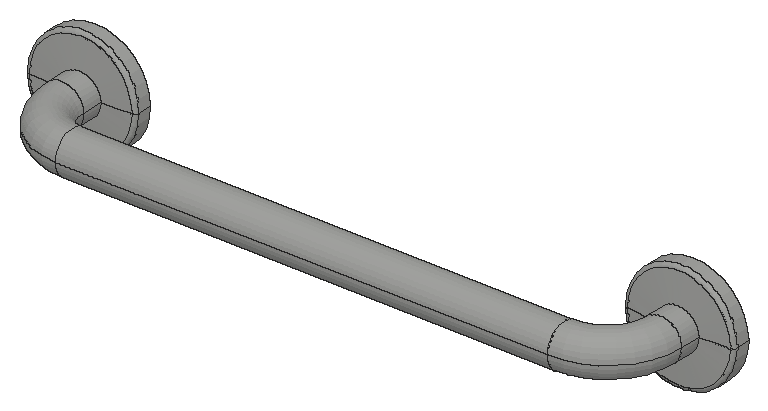
Revit family "RBA4806-Straight-Series", category Plumbing Fixtures, Revit 2021
Family settings
  Round Connector Dimension = Use Diameter
  Part Type = Normal
  Work Plane-Based = No
  Always vertical = Yes
  Cut with Voids When Loaded = No
  Shared = No
  Room Calculation Point = No
Parameters (values of type "RBA4806-045")
  Watermarked By = "www.rba.com.au"
  URL = "www.rba.com.au"
  Phone Number = ""
  OFFSET [instance] = 800 mm
  Modified Issue = "20191004.01"
  Model = "RBA4000-045"
  Materials & Finishes = PVD Gunmetal Stainless Steel
  Manufacturer = "RBA Group"  # constant formula
  Lgth = 450 mm
  Diameter = 32 mm
  Description = "Straight Grab Rail 450mm"
  Default Elevation = 0 mm
  Copyright by = "RBA Group"  # constant formula
Types (9, lengths in mm): name | URL | Phone Number | Modified Issue | Model | Lgth | Description
  RBA4806-030 | "www.rba.com.au" | "" | "20190510.1" | "RBA4000-030" | 300 | "Straight Grab Rail 300mm"
  RBA4806-045 | "www.rba.com.au" | "" | "20191004.01" | "RBA4000-045" | 450 | "Straight Grab Rail 450mm"
  RBA4806-060 | "www.rba.com.au" | "" | "" | "RBA4806-Straight-Series" | 600 | "RTA SSS Straight Grabrail"
  RBA4806-070 | "www.rba.com.au" | "" | "20191004.01" | "RBA4000-075" | 700 | "Straight Grab Rail 750mm"
  RBA4806-090 | "www.rba.com.au" | "" | "20191004.01" | "RBA4000-090" | 900 | "Straight Grab Rail 900mm"
  RBA4806-080 | "http://www.rba.com.au/accessible-disabled/grab-rails" | "1300 788 778" | "20191004.01" | "RBA4000-080" | 800 | "Straight Grab Rail 800mm"
  RBA4806-100 | "http://www.rba.com.au/accessible-disabled/grab-rails" | "1300 788 778" | "20191004.01" | "RBA4000-100" | 1000 | "Straight Grab Rail 1000mm"
  RBA4806-120 | "http://www.rba.com.au/accessible-disabled/grab-rails" | "1300 788 778" | "20191004.01" | "RBA4000-120" | 1200 | "Straight Grab Rail 1200mm"
  RBA4806-040 | "www.rba.com.au" | "" | "20191108.1" | "RBA4000-040" | 400 | "Straight Grab Rail 400mm"
Reference planes
  plane 1 "Center (Front/Back)": y = 0
  plane 2: z = 0
  plane 3 "Center (Left/Right)": x = 0
  plane 4: x = 0
  plane 5: x = 0
  plane 6: y = -57
  plane 7: y = -89
  plane 8: x = 450
  plane 9: z = 16
  plane 10: z = -16
Forms (mm)
  Sweep 1, solid, material "PVD Gunmetal Stainless Steel" <- "Materials & Finishes"
    path origin (-273.954, -750, 0) x (0, -1, 0) y (1, 0, 0)
      loop
        line (-740, 723.954) -> (-719, 723.954)
        arc (-719, 723.954) -> (-690.716, 712.239) -> (-679, 683.954) r 40
        line (-679, 683.954) -> (-679, 313.954)
        arc (-679, 313.954) -> (-690.716, 285.67) -> (-719, 273.954) r 40
        line (-719, 273.954) -> (-740, 273.954)
    profile origin (225, -71, 0) x (0, -1, 0) y (0, 0, 1)
      loop
        circle (0, 0) r 16
  Extrusion 2, solid, material "PVD Gunmetal Stainless Steel" <- "Materials & Finishes"
    sketch origin (62.5, -2.628, -315.907) x (0, 0, 1) y (1, 0, 0)
      loop
        circle (315.907, -62.5) r 40
    from -0.206 to 2.628
  Revolve 3, solid, material "PVD Gunmetal Stainless Steel" <- "Materials & Finishes"
    sketch origin (62.5, 18.663, 0) x (-1, 0, 0) y (0, -1, 0)
      loop
        line (62.5, 18.663) -> (104, 18.663) -> (104, 28.968)
        arc (104, 28.968) -> (103.207, 31.014) -> (101.243, 31.992) r 3.037
        arc (101.243, 31.992) -> (81.892, 33.334) -> (62.5, 33.781) r 420.249
        line (62.5, 33.781) -> (62.5, 18.663)
      axis (62.5, 18.663) -> (62.5, 33.781)
    angle from 0 to 360
  Extrusion 4, void
    sketch origin (62.704, 34.941, -270.785) x (-0.515038, 0, 0.857167) y (0.857167, 0, 0.515038)
      loop
        circle (248.952, 111.432) r 4.75
      loop
        circle (279.854, 60.002) r 4.75
    from -37.775 to -34.941
  Extrusion 5, solid, material "PVD Gunmetal Stainless Steel" <- "Materials & Finishes"
    sketch origin (237.5, -2.628, -315.907) x (0, 0, 1) y (1, 0, 0)
      loop
        circle (315.907, 212.5) r 40
    from -0.206 to 2.628
  Revolve 6, solid, material "PVD Gunmetal Stainless Steel" <- "Materials & Finishes"
    sketch origin (237.5, 18.663, 0) x (-1, 0, 0) y (0, -1, 0)
      loop
        line (-212.5, 18.663) -> (-212.5, 33.781)
        arc (-212.5, 33.781) -> (-231.892, 33.334) -> (-251.243, 31.992) r 420.249
        arc (-251.243, 31.992) -> (-253.207, 31.014) -> (-254, 28.968) r 3.037
        line (-254, 28.968) -> (-254, 18.663) -> (-212.5, 18.663)
      axis (-212.5, 18.663) -> (-212.5, 33.781)
    angle from 0 to 360
  Extrusion 7, void
    sketch origin (362.704, 34.941, -270.785) x (-0.515038, 0, 0.857167) y (0.857167, 0, 0.515038)
      loop
        circle (202.599, 188.577) r 4.75
      loop
        circle (171.696, 240.007) r 4.75
    from -37.775 to -34.941
Cuts and joins
  Extrusion 7 cuts Sweep 1
  Extrusion 4, Extrusion 7 cuts Extrusion 2
  Extrusion 4, Extrusion 7 cuts Revolve 3
  Extrusion 7 cuts Extrusion 5
  Extrusion 7 cuts Revolve 6
  joined: Sweep 1, Extrusion 2, Revolve 3, Extrusion 5, Revolve 6
Dimensions and locks
  "Lgth": plane 3 "Center (Left/Right)" to plane 8
  radius of Sweep 1 sketch curve = 16 mm
  aligned and locked: level to plane 2
  aligned and locked: Revolve 3 to Extrusion 2
  aligned and locked: Extrusion 2 to Extrusion 4
  aligned and locked: Revolve 6 to Extrusion 5
Automatic sketch dimensions
  Sweep 1 sketch curve to plane 8 = 0 mm
  Sweep 1 sketch curve to plane 3 "Center (Left/Right)" = 0 mm
  plane 6 to Sweep 1 sketch curve = 26 mm  (x2)
  Sweep 1 sketch curve to plane 6 = 14 mm
  plane 1 "Center (Front/Back)" to Sweep 1 sketch curve = 10 mm  (x2)
  Sweep 1 sketch curve to profile plane = 0 mm  (x2)
  Extrusion 2 sketch curve to level = 0 mm
  Extrusion 2 sketch curve to plane 3 "Center (Left/Right)" = 0 mm
  plane 1 "Center (Front/Back)" to Revolve 3 sketch curve = 0 mm
  Revolve 3 sketch curve to plane 3 "Center (Left/Right)" = 0 mm  (x2)
  plane 1 "Center (Front/Back)" to Revolve 3 sketch curve = 10.305 mm
  Revolve 3 sketch curve to plane 3 "Center (Left/Right)" = 38.463 mm
  Revolve 3 sketch curve to Revolve 3 sketch curve = 3.037 mm
  Revolve 3 sketch curve to plane 1 "Center (Front/Back)" = 405.131 mm
  Revolve 3 sketch curve to Revolve 3 sketch curve = 15.118 mm
  Revolve 3 sketch curve to plane 1 "Center (Front/Back)" = 21.537 mm
  Revolve 3 sketch curve to Revolve 3 sketch curve = 0 mm
  plane 6 to Revolve 3 sketch curve = 13.537 mm
  Extrusion 5 sketch curve to level = 0 mm
  plane 8 to Extrusion 5 sketch curve = 0 mm
  plane 1 "Center (Front/Back)" to Revolve 6 sketch curve = 0 mm
  Revolve 6 sketch curve to plane 8 = 0 mm  (x2)
  plane 1 "Center (Front/Back)" to Revolve 6 sketch curve = 10.305 mm
  Revolve 6 sketch curve to plane 8 = 38.463 mm
  Revolve 6 sketch curve to Revolve 6 sketch curve = 3.037 mm
  Revolve 6 sketch curve to plane 1 "Center (Front/Back)" = 405.131 mm
  Revolve 6 sketch curve to Revolve 6 sketch curve = 15.118 mm
  Revolve 6 sketch curve to plane 1 "Center (Front/Back)" = 21.537 mm
  Revolve 6 sketch curve to Revolve 6 sketch curve = 0 mm
  plane 6 to Revolve 6 sketch curve = 13.537 mm
  Extrusion 7 sketch curve to level = 0 mm  (x2)
  Extrusion 7 sketch curve to plane 8 = 30 mm
  Extrusion 7 sketch curve to Extrusion 7 sketch curve = 30.902 mm
  Extrusion 4 sketch curve to level = 0 mm  (x2)
  plane 3 "Center (Left/Right)" to Extrusion 4 sketch curve = 30 mm
  Extrusion 4 sketch curve to Extrusion 4 sketch curve = 30.902 mm
  radius of Extrusion 2 sketch curve = 40 mm
  radius of Extrusion 5 sketch curve = 40 mm
  radius of Extrusion 7 sketch curve = 4.75 mm  (x2)
  radius of Extrusion 4 sketch curve = 4.75 mm  (x2)
